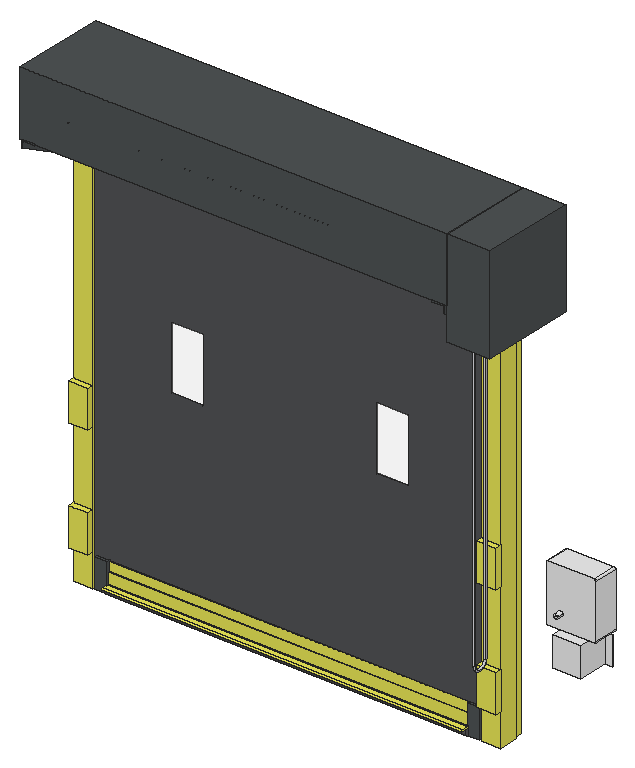
Revit family "Doors_Industrial_Wayne-Dalton_High-Speed-Exterior-Rubber-Doors-Model-885-ADV-Xtreme_туц", category Specialty Equipment, host Wall, Revit 2019
Family settings
  Host = Wall
  Round Connector Dimension = Use Diameter
  Part Type = Normal
  OmniClass Number = 23.30.10.21.34
  OmniClass Title = Industrial Doors
  Always vertical = Yes
  Cut with Voids When Loaded = No
  Shared = No
  Room Calculation Point = No
Parameters (values of type "208 volts, three phase, 60 Hz (190-207 V range)")
  Vision Panels [instance] = yes
  True Width [instance] = [Door Width (Real)]  # 10' - 0"
  True Height [instance] = [Door Height (Real)]  # 10' - 0"
  Three Phase Controller [instance] = not(One Phase Controller)  # yes
  Rough Width [instance] = [Door Width (Real)]  # 10' - 0"
  Rough Height [instance] = if(Headroom Option < 3, [Door Height (Real)] - 0' 3 7/8", [Door Height (Real)] - 0' 1 19/128")  # 9' - 8 1/8"
  Product Page URL = "https://www.wayne-dalton.com/high-speed-rubber-doors-885"
  Powder Coat (Note) = "Standard color for guides and bottom bar is yellow. Approximately 200 optional RAL powder coat colors are also available."  # constant formula
  Panel Material [instance] = NBR - Wayne Dalton - Black
  One Phase Controller [instance] = if(Number of Poles = 1, 1 = 1, 1 = 2)  # no
  Motor Cover [instance] = yes
  Hood Material = Metal - Wayne Dalton - Black
  Hood Height [instance] = 1' - 8 51/128"  # constant formula
  Headroom Type [instance] = if(or(Headroom Option < 1, Headroom Option = 1), "Standard Headroom", if(Headroom Option = 2, "Sloped Standard Headroom", if(Headroom Option = 3, "Low Headroom", "Sloped Low Headroom")))  # "Standard Headroom"
  Headroom Offset [instance] = if(or(Headroom Option < 1, Headroom Option = 1, Headroom Option = 3), 0' 0", if(or(Headroom Option = 2, Headroom Option > 3), 0' 10 1/8", 0' 10 1/8"))  # 0' - 0"
  Headroom Height [instance] = if(Headroom Option < 3, 2' 9" + 0' 3 7/8" + Headroom Offset, if(and(or(Rough Height < 14' 0", Rough Height = 14' 0"), or(Rough Width < 17' 0", Rough Width = 17' 0")), 1' 7" + Headroom Offset, if(and(or(Rough Height < 14' 0", Rough Height = 14' 0"), Rough Width > 17' 0"), 1' 8 1/2" + Headroom Offset, if(or(Rough Height < 22' 0", Rough Height = 22' 0"), 1' 8 1/2" + Headroom Offset, 2' 0 1/2" + Headroom Offset))))  # 3' - 0 7/8"
  Headroom Option [instance] = 1
  External Transformer = if(or(Voltage = 208 V, Voltage = 575 V), 1 = 1, 1 = 2)  # yes
  Door Width (Real) [instance] = if(Door Width > Max Door Width, Max Door Width, if(Door Width < Min Door Width, Min Door Width, Door Width))  # 10' - 0"
  Door Height (Real) [instance] = if(Door Height > Max Door Height, Max Door Height, if(Door Height < Min Door Height, Min Door Height, Door Height))  # 10' - 0"
  Voltage = 208 V
  URL = "https://www.wayne-dalton.com/"
  Product data url = "https://www.bimobject.com/wayne-dalton/product/high-speed-exterior-rubber-doors-model-885-ADV-Xtreme"
  Product Guid = "e4ee6ae5-f868-4b10-b63c-ee019e9bb2b1"
  Power Factor = 1
  Number of Poles = 3
  Model = "885"  # constant formula
  Min Door Width [instance] = 4' - 0"  # constant formula
  Min Door Height [instance] = 4' - 0"  # constant formula
  Max Door Width [instance] = 30' - 0"  # constant formula
  Max Door Height [instance] = 30' - 0"  # constant formula
  Manufacturer = "Wayne Dalton"  # constant formula
  Frequency = 60 Hz  # constant formula
  Wall Closure = By host
  Floor To (CL) of Shaft [instance] = Rough Height + Headroom Height - if(Headroom Option < 3, 0' 10 1/32", 0' 8 19/128") - Headroom Offset  # 11' - 10 31/32"
  Connector Description = "Rapidflex Large Control Panel"  # constant formula
  Finish Material = Finish - Wayne Dalton - Yellow
  Door Width [instance] = 10' - 0"
  Door Height [instance] = 10' - 0"
  Description = "Wayne Dalton’s Model 885 ADV-Xtreme high speed exterior rubber door is made with special reinforced rubber, perfect for large exterior openings or extreme applications. Constructed with 5 layers of NBR rubber and 4 layers of polyester weave, this door is capable of withstanding pressure of up to 27.0 psf. Model 885 ADV-Xtreme is also designed to be low maintenance and includes such features as breakaway impact detection and push button self-repair, along with plug and play wiring."  # constant formula
  Current = 20 A
  Backroom Depth [instance] = if(Headroom Option < 3, 2' 5 17/32", if(and(or(Rough Height < 14' 0", Rough Height = 14' 0"), or(Rough Width < 17' 0", Rough Width = 17' 0")), 2' 4 1/2", if(and(or(Rough Height < 14' 0", Rough Height = 14' 0"), Rough Width > 17' 0"), 2' 5 1/2" + Headroom Offset, if(or(Rough Height < 22' 0", Rough Height = 22' 0"), 2' 7" + Headroom Offset, 2' 9"))))  # 2' - 5 17/32"
  Apparent Load Phase 3 = if(Number of Poles = 1, 0 VA, (Voltage * Current * sqrt(3)) / 3)  # 2401.78 VA
  Apparent Load Phase 2 = if(Number of Poles = 1, 0 VA, (Voltage * Current * sqrt(3)) / 3)  # 2401.78 VA
  Apparent Load Phase 1 = if(Number of Poles = 1, Voltage * Current, (Voltage * Current * sqrt(3)) / 3)  # 2401.78 VA
Reference planes (in)
  plane 1 "Center (Front/Back)": y = 0
  plane 2 "Center (Left/Right)": x = 0
  plane 3 "Left": x = -60
  plane 4 "Right": x = 60
  plane 5 "Exterior": y = 3.00375
  plane 6 "Interior": y = -2.99625
  plane 7: x = 60
  plane 8: x = -60
  plane 9: z = 116.125
  plane 10 "Main": y = -7.11344
  plane 11: y = -32.5275
  plane 12 "Main Door Block": y = -2.99625
  plane 13: z = 47.47
  plane 14: y = -10.44254
  plane 15: y = -10.52271
  plane 16: y = -10.36238
  plane 17: z = 120
Lines and regions (in)
  Opening 1
    outline origin (-90, -2.99625, 0) x (1, 0, 0) y (0, 0, 1)
      loop
        line (30, 0) -> (150, 0) -> (150, 116.125) -> (30, 116.125) -> (30, 0)
Text (in)
  text "Exterior" at (-74.96733, -29.37398, 0), in view "Ref. Level"
  text "Interior" at (-74.96733, 20.10035, 0), in view "Ref. Level"
  text "Exterior" at (0, 40.15149, 123.01588), in view "Right"
  text "Interior" at (0, -64.39139, 123.01588), in view "Right"
  text "Interior" at (0, -31.01599, 123.00693), in view "Left"
  text "Exterior" at (0, 54.57065, 123.00693), in view "Left"
Dimensions and locks (in)
  equal spacing: plane 3 "Left", plane 2 "Center (Left/Right)", plane 4 "Right"
  "Door Width (Real)": plane 3 "Left" to plane 4 "Right"
  level to host wall = 38' - 3.59655"
  equal spacing: plane 8, plane 2 "Center (Left/Right)", plane 7
  "Rough Width": plane 7 to plane 8
  "Backroom Depth": plane 6 "Interior" to plane 11
  locked: plane 12 "Main Door Block" to plane 10 "Main" at 4.11719
  plane 1 "Center (Front/Back)" to plane 6 "Interior" = 0' - 2.99625"
  locked: plane 14 to plane 6 "Interior" at 7.44629
  locked: plane 15 to plane 16 at 0.16033
  equal spacing: plane 15, plane 14, plane 16
  "Door Height (Real)": plane 17 to level
  "Rough Height": plane 9 to level
  aligned and locked: Opening 1 sketch curve to level
  aligned and locked: plane 5 "Exterior" to host wall
  aligned and locked: host wall to plane 6 "Interior"
  aligned and locked: plane 8 to Opening 1 sketch curve
  aligned and locked: plane 7 to Opening 1 sketch curve
  aligned and locked: plane 12 "Main Door Block" to plane 6 "Interior"
  aligned and locked: plane 12 "Main Door Block" to nested 1
  aligned and locked: nested 1 to plane 2 "Center (Left/Right)"
  aligned and locked: level to nested 1
  aligned and locked: Opening 1 sketch curve to plane 9
  aligned and locked: plane 2 "Center (Left/Right)" to nested 2
Nested families (in)
  nested 1: "Lifts" at (0, -2.99625, 0) x (-1, 0, 0) z (0, 0, 1), type "Frame Unit"
  nested 2: "Panel" at (0, -10.36238, 0), type "Panel"
    with Height Real 11' - 0 241/256", Height 9' - 8 1/8"
Connectors (in)
  electrical at (87.81444, -10.53625, 47.99806), driven by "Number of Poles", driven by "Voltage", driven by "Apparent Load Phase 1", driven by "Power Factor", driven by "Connector Description", driven by "Apparent Load Phase 2", driven by "Apparent Load Phase 3"
    settings: on nested 1, index 1, voltage 208 V, apparent load 0 VA, apparent load phase1 2401.78 VA, apparent load phase2 2401.78 VA, apparent load phase3 2401.78 VA, power factor 1, load classification "Other", number of poles 3, system type 31, power factor state 1, is connector primary yes, connector utility no, sub classification motor no, connector description "Rapidflex Large Control Panel"
Definition of nested family "Lifts"
  Parameters (values of type "Frame Unit")
    Three Phase Controller = yes
    Spool Radius = 0' - 4 1/2"
    Small Astragal = not(Large Astragal)  # no
    Shaft Offset = if(Headroom Option < 3, 1' 0 51/128", 0' 9")  # 1' - 0 51/128"
    Shaft Material = none
    Shaft Length Right = if(Right Motor Position, 1' 6 5/8", 0' 6 9/16")  # 1' - 6 5/8"
    Shaft Length Left = 0' - 8 1/16"  # constant formula
    Shaft 2 Vertical = if(Headroom Option < 3, 1' 2 13/256", 0' 0")  # 1' - 2 13/256"
    Shaft 2 Horizontal = if(Headroom Option < 3, 0' 9 57/64", 0' 9 1/2")  # 0' - 9 57/64"
    Rod 2 = if(and(not(Motor Cover), Right Motor Position), 1 = 1, 1 = 2)  # no
    Right Motor Position = yes
    Opening Width = 10' - 0"
    One Phase Controller = no
    Motor Cover Off = not(Motor Cover)  # no
    Motor Cover = yes
    Masking Region Right Motor Three Phase = if(and(Right Motor Position, Three Phase Controller), 1 = 1, 1 = 2)  # yes
    Masking Region Right Motor = if(and(Right Motor Position, Motor Cover Off), 1 = 1, 1 = 2)  # no
    Large Astragal = if(Headroom Option < 3, 1 = 1, 1 = 2)  # yes
    Jambs Offset = if(Headroom Option < 3, 0' 0", 0' 2 63/256")  # 0' - 0"
    Hood Material = none
    Headroom Option = 1
    Headroom Offset = 0' - 0"
    Headroom Height = 3' - 0 7/8"
    Header Width = 2' - 5 17/32"
    Header Height = if(Headroom Option < 3, 1' 8 15/256", 1' 4 77/256")  # 1' - 8 15/256"
    Guid Width = 0' - 6 9/16"
    Floor To CL Shaft = 11' - 10 31/32"
    External Transformer = yes
    Electric Operator Position = if(Right Motor Position, (2' 1 3/4" * 2 + Opening Width + 0' 0 5/8"), 0' 0")  # 14' - 4 1/8"
    Opening Height = 9' - 8 1/8"
    Finish Material = none
    Bar Offset = if(Headroom Option < 3, 0' 0", 1' 1")  # 0' - 0"
    Analytic Construction = "<None>"
  Reference planes (in)
    plane 1 "Center (Front/Back)": y = 0
    plane 2: z = 0
    plane 3 "Center (Left/Right)": x = 0
    plane 4 "Left": x = -60
    plane 5 "Right": x = 60
    plane 6 "Center Line of Shaft": z = 142.96875
    plane 7 "Headroom Top": z = 153
    plane 8 "Opening Height": z = 116.125
    plane 9: x = -78.625
    plane 10 "Shaft": x = -75.54413
    plane 11 "Box": x = -87.8125
    plane 12 "EBOX": z = 48
    plane 13: z = 39.09375
    plane 14: z = 56.90625
    plane 15: z = 43.5
    plane 16: y = 7.54
    plane 17 "2": z = 132.94141
    plane 18: y = 29.53125
    plane 19: x = 68.0625
    plane 20: x = 66.5625
    plane 21: x = -66.5625
    plane 22: x = -80.0625
    plane 23: x = -95.5625
    plane 24 "Center L/MM": x = 84.3125
    plane 25: z = 53
    plane 26: z = 43
    plane 27: x = -84.3125
    plane 28: x = -91.3125
    plane 29: y = 7.54
    plane 30 "1": z = 45.56
    plane 31 "Sloped motor LH": x = -71.125
    plane 32 "Sloped motor RH": x = 71.125
    plane 33: z = 153
    plane 34 "panel center": y = 7.44629
    plane 35: x = 80
    plane 36 "Jamb": z = 120
    plane 37: z = 120
    plane 38: y = 17.13281
    plane 39: z = 120
  Forms (in)
    Extrusion 1, solid, material <- "Shaft Material"
      sketch origin (0, 0, 0) x (0, 1, 0) y (0, 0, 1)
        loop
          circle (17.13281, 142.96875) r 0.78
      from -78.625 to 68.0625
    Extrusion 2, solid, visible <- "Three Phase Controller"
      sketch origin (-1.95651, 0, 0) x (1, 0, 0) y (0, 0, 1)
        loop
          line (-78.60599, 56.90625) -> (-93.10599, 56.90625)
          arc (-93.10599, 56.90625) -> (-93.45954, 56.7598) -> (-93.60599, 56.40625) r 0.5
          line (-93.60599, 56.40625) -> (-93.60599, 39.59375)
          arc (-93.60599, 39.59375) -> (-93.45954, 39.2402) -> (-93.10599, 39.09375) r 0.5
          line (-93.10599, 39.09375) -> (-78.60599, 39.09375)
          arc (-78.60599, 39.09375) -> (-78.25243, 39.2402) -> (-78.10599, 39.59375) r 0.5
          line (-78.10599, 39.59375) -> (-78.10599, 56.40625)
          arc (-78.10599, 56.40625) -> (-78.25243, 56.7598) -> (-78.60599, 56.90625) r 0.5
      from -7.54 to 0
    Revolve 3, solid, visible <- "Three Phase Controller"
      sketch origin (-55.03203, -180, 43.5) x (-1, 0, 0) y (0, -1, 0)
        loop
          line (29.42047, -187.54) -> (28.67047, -187.54) -> (28.82047, -189.312) -> (29.42047, -189.312) -> (29.42047, -187.54)
        axis (29.42047, -187.54) -> (29.42047, -189.312)
      angle from 0 to 360
    Extrusion 4, solid, material <- "Finish Material"
      sketch origin (0, 0, 0) x (1, 0, 0) y (0, 1, 0)
        loop
          line (66.5625, 8.5) -> (60.5625, 8.5) -> (60.5625, 8.12) -> (66.1825, 8.12) -> (66.1825, 6.62889) -> (62.00599, 6.62889) -> (60.91271, 7.23491) -> (60.81575, 7.05998) -> (61.95841, 6.4266) -> (65.97719, 6.4266) -> (65.97719, 6.00445) -> (65.62, 6.00445) -> (65.62, 0.38051) -> (60, 0.38051) -> (60, 0) -> (66, 0) -> (66, 2.5) -> (66.5625, 2.5) -> (66.5625, 8.5)
        loop
          line (-66.5625, 8.5) -> (-66.5625, 2.5) -> (-66, 2.5) -> (-66, 0) -> (-60, 0) -> (-60, 0.38051) -> (-65.62, 0.38051) -> (-65.62, 6.00445) -> (-65.97719, 6.00445) -> (-65.97719, 6.4266) -> (-61.95841, 6.4266) -> (-60.81575, 7.05998) -> (-60.91271, 7.23491) -> (-62.00599, 6.62889) -> (-66.1825, 6.62889) -> (-66.1825, 8.12) -> (-60.5625, 8.12) -> (-60.5625, 8.5) -> (-66.5625, 8.5)
      from 0 to 120
    Extrusion 5, solid, material <- "Hood Material"
      sketch origin (0, 0, 0) x (0, 1, 0) y (0, 0, 1)
        loop
          line (0, 132.94141) -> (29.53125, 132.94141) -> (29.53125, 153) -> (0, 153) -> (0, 132.94141)
      from -66.5625 to 66.5625
    Extrusion 6, solid, material <- "Hood Material"
      sketch origin (-60, -60, 48) x (0, -1, 0) y (0, 0, 1)
        loop
          circle (-77.13281, 94.96875) r 4.5
      from 5.80769 to 4.63204
    Extrusion 7, solid, visible <- "External Transformer"
      sketch origin (0, 0, 48) x (1, 0, 0) y (0, 1, 0)
        loop
          line (-94.6875, 0) -> (-80.9375, 0) -> (-80.9375, 0.125) -> (-83.3125, 0.125) -> (-83.3125, 9.3125) -> (-92.3125, 9.3125) -> (-92.3125, 0.125) -> (-94.6875, 0.125) -> (-94.6875, 0)
      from -19.13 to -10
    Extrusion 8, solid, visible <- "One Phase Controller"
      sketch origin (0, 0, 0) x (1, 0, 0) y (0, 0, 1)
        loop
          line (-84.72803, 53) -> (-90.9125, 53)
          arc (-90.9125, 53) -> (-91.19534, 52.88284) -> (-91.3125, 52.6) r 0.4
          line (-91.3125, 52.6) -> (-91.3125, 43.4)
          arc (-91.3125, 43.4) -> (-91.19534, 43.11716) -> (-90.9125, 43) r 0.4
          line (-90.9125, 43) -> (-84.7125, 43)
          arc (-84.7125, 43) -> (-84.42966, 43.11716) -> (-84.3125, 43.4) r 0.4
          line (-84.3125, 43.4) -> (-84.3125, 52.58447)
          arc (-84.3125, 52.58447) -> (-84.43421, 52.87829) -> (-84.72803, 53) r 0.41553
      from -7.54 to 0
    Revolve 9, solid, visible <- "One Phase Controller"
      sketch origin (0, 0, 45.56) x (-1, 0, 0) y (0, -1, 0)
        loop
          line (87.8125, -9.3125) -> (87.8125, -7.54) -> (87.0625, -7.54) -> (87.2125, -9.3125) -> (87.8125, -9.3125)
        axis (87.8125, -9.3125) -> (87.8125, -7.54)
      angle from 0 to 360
    Extrusion 10, solid, material <- "Hood Material"
      sketch origin (60, -60, 48) x (0, -1, 0) y (0, 0, -1)
        loop
          circle (-77.13281, -94.96875) r 4.5
      from 5.80769 to 4.63204
    Extrusion 11, solid, material <- "Finish Material"
      sketch origin (0, 0, 0) x (1, 0, 0) y (0, 1, 0)
        loop
          line (65.05337, 1.4214) -> (65.05337, 6.42707) -> (62.05337, 6.42707) -> (62.05337, 1.4214) -> (65.05337, 1.4214)
        loop
          line (-65.05337, 1.4214) -> (-62.05337, 1.4214) -> (-62.05337, 6.42707) -> (-65.05337, 6.42707) -> (-65.05337, 1.4214)
      from 0 to 0.38
    Extrusion 12, solid, material <- "Finish Material"
      sketch origin (0, 0, 0) x (1, 0, 0) y (0, 1, 0)
        loop
          line (66.5625, 10.52653) -> (60.66925, 10.52653) -> (60.66925, 8.5) -> (66.5625, 8.5) -> (66.5625, 10.52653)
        loop
          line (-66.5625, 10.52653) -> (-66.5625, 8.5) -> (-60.66925, 8.5) -> (-60.66925, 10.52653) -> (-66.5625, 10.52653)
      from 10.30995 to 22.01998
    Extrusion 13, solid, material <- "Finish Material"
      sketch origin (0, 0, 0) x (1, 0, 0) y (0, 1, 0)
        loop
          line (-66.5625, 10.52653) -> (-66.5625, 8.5) -> (-60.66925, 8.5) -> (-60.66925, 10.52653) -> (-66.5625, 10.52653)
        loop
          line (60.66925, 10.52653) -> (60.66925, 8.5) -> (66.5625, 8.5) -> (66.5625, 10.52653) -> (60.66925, 10.52653)
      from 45.16821 to 56.75
    Extrusion 14, solid, material <- "Hood Material"
      sketch origin (0, 0, 0) x (1, 0, 0) y (0, 0, 1)
        loop
          arc (66, 132.63772) -> (65.91105, 132.85246) -> (65.69632, 132.94141) r 0.30368
          line (65.69632, 132.94141) -> (62, 132.94141) -> (62, 132.5575) -> (65.50079, 132.5575)
          arc (65.50079, 132.5575) -> (65.58508, 132.52258) -> (65.62, 132.43829) r 0.11921
          line (65.62, 132.43829) -> (65.62, 120) -> (66, 120) -> (66, 132.63772)
        loop
          line (-66, 132.63772) -> (-66, 120) -> (-65.62, 120) -> (-65.62, 132.43829)
          arc (-65.62, 132.43829) -> (-65.58508, 132.52258) -> (-65.50079, 132.5575) r 0.11921
          line (-65.50079, 132.5575) -> (-62, 132.5575) -> (-62, 132.94141) -> (-65.69632, 132.94141)
          arc (-65.69632, 132.94141) -> (-65.91105, 132.85246) -> (-66, 132.63772) r 0.30368
      from -29.53125 to 0
    Extrusion 15, solid, material <- "Finish Material"
      sketch origin (0, 5.25463, 0) x (0, 1, 0) y (0, 0, 1)
        loop
          line (2.42, 9.04635) -> (1.96332, 9.04635) -> (1.96332, 6.00783) -> (1.49629, 6.00783) -> (1.49629, 2.61647)
          arc (1.49629, 2.61647) -> (1.43504, 2.4686) -> (1.28717, 2.40735) r 0.20912
          line (1.28717, 2.40735) -> (-0.65234, 2.40735)
          arc (-0.65234, 2.40735) -> (-0.9076, 2.30162) -> (-1.01334, 2.04635) r 0.361
          line (-1.01334, 2.04635) -> (5.39666, 2.04635)
          arc (5.39666, 2.04635) -> (5.29093, 2.30162) -> (5.03566, 2.40735) r 0.361
          line (5.03566, 2.40735) -> (3.09615, 2.40735)
          arc (3.09615, 2.40735) -> (2.94828, 2.4686) -> (2.88703, 2.61647) r 0.20912
          line (2.88703, 2.61647) -> (2.88703, 6.00783) -> (2.42, 6.00783) -> (2.42, 9.04635)
      from -56.24 to 56.24
    Extrusion 16, solid, material <- "Hood Material"
      sketch origin (0, 0, 0) x (1, 0, 0) y (0, 0, 1)
        loop
          line (-60, 0) -> (-56.24, 0) -> (-56.24, 9.04635) -> (-60, 9.04635) -> (-60, 0)
        loop
          line (60, 0) -> (60, 9.04635) -> (56.24, 9.04635) -> (56.24, 0) -> (60, 0)
      from 0 to -8.5
    Extrusion 17, solid, material <- "Shaft Material"
      sketch origin (0, 0, 0) x (0, 1, 0) y (0, 0, 1)
        loop
          circle (9.89062, 128.91797) r 0.5
      from -67.4125 to 67.4125
    Extrusion 18, solid, material <- "Hood Material"
      sketch origin (0, 0, 0) x (0, 1, 0) y (0, 0, 1)
        loop
          circle (9.89062, 128.91797) r 2.17188
      from -63.62 to 63.62
    Extrusion 19, void
      sketch origin (0, 0, 0) x (0, 1, 0) y (0, 0, 1)
        loop
          line (29.53125, 116.125) -> (29.53125, 130.5575) -> (10, 120) -> (6.00445, 120) -> (6.00445, 132.94141) -> (0, 132.94141) -> (0, 116.125) -> (29.53125, 116.125)
      from -71.125 to 68.0625
    Extrusion 20, solid
      sketch origin (-69.5, -180, 132.94141) x (-1, 0, 0) y (0, -1, 0)
        loop
          line (-135.12, -180.38051) -> (-135.12, -186.4266) -> (-131.5, -186.4266) -> (-131.5, -186.04769) -> (-134.74109, -186.04769) -> (-134.74109, -180.38051) -> (-135.12, -180.38051)
        loop
          line (-3.88, -180.38051) -> (-4.25891, -180.38051) -> (-4.25891, -186.04769) -> (-7.5, -186.04769) -> (-7.5, -186.4266) -> (-3.88, -186.4266) -> (-3.88, -180.38051)
      from -12.94141 to 0
    Extrusion 21, solid
      sketch origin (0, 0, 0) x (0, 1, 0) y (0, 0, 1)
        loop
          line (6.75092, 2.04635) -> (6.75092, 1.79635) -> (6.48807, 1.75)
          arc (6.48807, 1.75) -> (5.61307, 0.875) -> (6.48807, 0) r 0.875
          line (6.48807, 0) -> (8.40451, 0)
          arc (8.40451, 0) -> (9.27951, 0.875) -> (8.40451, 1.75) r 0.875
          line (8.40451, 1.75) -> (8.14166, 1.79635) -> (8.14166, 2.04635) -> (6.75092, 2.04635)
      from -56.24 to 56.24
  Cuts and joins
    Extrusion 19 cuts Extrusion 14
  Lines and regions (in)
    Masking region 1, visible <- "Three Phase Controller"
      outline origin (0, 0, 0) x (1, 0, 0) y (0, 1, 0)
        loop
          line (-95.5625, 0) -> (-80.0625, 0) -> (-80.0625, 7.54) -> (-95.5625, 7.54) -> (-95.5625, 0)
    Masking region 2, visible <- "Masking Region Right Motor Three Phase"
      outline origin (0, 0, 0) x (1, 0, 0) y (0, 1, 0)
        loop
          line (-83.7025, 7.54) -> (-83.8525, 9.312) -> (-85.0525, 9.312) -> (-85.2025, 7.54) -> (-83.7025, 7.54)
    Masking region 3, visible <- "External Transformer"
      outline origin (0, 0, 0) x (1, 0, 0) y (0, 1, 0)
        loop
          line (-92.3125, 7.54) -> (-83.3125, 7.54) -> (-83.3125, 9.3125) -> (-92.3125, 9.3125) -> (-92.3125, 7.54)
    Masking region 4, not visible
      outline origin (-205.49871, -5.75, 0) x (0, 1, 0) y (-1, 0, 0)
        loop
          line (13.29, -113.57621) -> (13.29, -115.07621) -> (15.062, -114.92621) -> (15.062, -113.72621) -> (13.29, -113.57621)
    Masking region 5
      outline origin (0, 0, 0) x (1, 0, 0) y (0, 1, 0)
        loop
          line (-66.5625, 29.53125) -> (-66.5625, 0) -> (66.5625, 0) -> (66.5625, 29.53125) -> (-66.5625, 29.53125)
    Masking region 6, visible <- "One Phase Controller"
      outline origin (0, 0, 0) x (1, 0, 0) y (0, 1, 0)
        loop
          line (-91.3125, 7.54) -> (-91.3125, 0) -> (-84.33954, 0) -> (-84.33954, 7.54) -> (-91.3125, 7.54)
    Masking region 7, visible <- "One Phase Controller"
      outline origin (0, 0, 0) x (1, 0, 0) y (0, 1, 0)
        loop
          line (-88.4125, 9.3125) -> (-88.5625, 7.54) -> (-87.0625, 7.54) -> (-87.2125, 9.3125) -> (-88.4125, 9.3125)
    Masking region 8, visible <- "Right Motor Position"
      outline origin (0, 0, 0) x (1, 0, 0) y (0, 1, 0)
        loop
          line (66.5625, 17.90751) -> (66.5625, 16.35281) -> (68.0625, 16.35281) -> (68.0625, 17.90751) -> (66.5625, 17.90751)
    Masking region 9, visible <- "Rod 2"
      outline origin (0, 0, 0) x (0, 1, 0) y (-1, 0, 0)
        loop
          line (17.91281, 78.625) -> (16.35281, 78.625) -> (16.35281, 74.7915) -> (16.79189, 74.7915) -> (16.79189, 74.2615) -> (17.91281, 74.2615) -> (17.91281, 78.625)
        loop
          line (17.91281, 66.5625) -> (17.91281, 68.4925) -> (17.27997, 68.4925) -> (17.27997, 69.7225) -> (17.91281, 69.7225) -> (17.91281, 70.3225) -> (16.79189, 70.3225) -> (16.79189, 69.79528) -> (16.35281, 69.79528) -> (16.35281, 66.5625) -> (17.91281, 66.5625)
    Masking region 10, not visible
      outline origin (0, 0, 120) x (0, -1, 0) y (1, 0, 0)
        loop
          line (-10.39062, 67.4125) -> (-10.39062, 66.5625) -> (-9.39062, 66.5625) -> (-9.39062, 67.4125) -> (-10.39062, 67.4125)
    symbolic lines, not visible
      curve 1: line (-64.3625, 7.78111, 0) -> (-64.3625, 6.21995, 0)
      curve 2: line (64.36395, 7.78111, 0) -> (64.36395, 5.875, 0)
    symbolic lines
      curve 3: line (-64.3625, 29.53125, 0) -> (-64.3625, 0, 0)
      curve 4: line (64.36395, 29.53125, 0) -> (64.36395, 0, 0)
  Dimensions and locks (in)
    equal spacing: plane 4 "Left", plane 3 "Center (Left/Right)", plane 5 "Right"
    "Opening Width": plane 4 "Left" to plane 5 "Right"
    "Header Height": plane 7 "Headroom Top" to plane 17 "2"
    "Opening Height": plane 8 "Opening Height" to level
    locked: level to plane 12 "EBOX" at 48
    locked: plane 11 "Box" to Revolve 3 sketch curve at 3.36
    equal spacing: plane 14, plane 12 "EBOX", plane 13
    locked: plane 12 "EBOX" to plane 15 at 4.5
    locked: plane 13 to plane 14 at 17.8125
    locked: plane 10 "Shaft" to plane 4 "Left" at 15.54413
    plane 11 "Box" to plane 10 "Shaft" = 1' - 0.26837"
    locked: plane 16 to plane 1 "Center (Front/Back)" at 7.54
    locked: Revolve 3 sketch curve to Revolve 3 sketch curve at 0.6
    locked: Revolve 3 sketch curve to Revolve 3 sketch curve at 0.75
    locked: plane 16 to Revolve 3 sketch curve at 1.772
    "Header Width": plane 1 "Center (Front/Back)" to Extrusion 5 sketch curve
    Extrusion 5 to plane 4 "Left" = 0' - 6 9/16"
    plane 5 "Right" to Extrusion 5 = 0' - 6 9/16"
    "Header Width": plane 1 "Center (Front/Back)" to plane 18
    plane 21 to nested 1 = 0' - 5.729"
    "Guid Width": plane 4 "Left" to plane 21
    "Guid Width": plane 5 "Right" to plane 20
    locked: plane 11 "Box" to plane 23 at 7.75
    locked: plane 22 to plane 11 "Box" at 7.75
    locked: plane 1 "Center (Front/Back)" to Extrusion 7 sketch curve at 0.125
    locked: plane 11 "Box" to Extrusion 7 sketch curve at 4.5
    locked: Extrusion 7 sketch curve to plane 11 "Box" at 4.5
    locked: Extrusion 7 sketch curve to plane 11 "Box" at 6.875
    locked: plane 11 "Box" to Extrusion 7 sketch curve at 6.875
    plane 1 "Center (Front/Back)" to Extrusion 7 sketch curve = 0' - 9 5/16"
    plane 20 to plane 21 = 11' - 1 1/8"
    "Electric Operator Position": plane 11 "Box" to plane 24 "Center L/MM"
    equal spacing: Masking region 1 sketch curve, plane 11 "Box", Masking region 1 sketch curve
    locked: Masking region 1 sketch curve to Masking region 1 sketch curve at 15.5
    "Floor To CL Shaft": plane 6 "Center Line of Shaft" to plane 2
    equal spacing: plane 26, plane 12 "EBOX", plane 25
    locked: plane 26 to plane 25 at 10
    locked: plane 1 "Center (Front/Back)" to plane 29 at 7.54
    locked: plane 29 to Revolve 9 sketch curve at 1.7725
    locked: plane 12 "EBOX" to plane 30 "1" at 2.44
    locked: plane 11 "Box" to Revolve 9 sketch curve at 0.75
    locked: plane 11 "Box" to Revolve 9 sketch curve at 0.6
    equal spacing: plane 32 "Sloped motor RH", plane 3 "Center (Left/Right)", plane 31 "Sloped motor LH"
    locked: plane 4 "Left" to plane 31 "Sloped motor LH" at 11.125
    "Shaft Length Right": plane 9 to plane 4 "Left"
    "Headroom Offset": plane 33 to plane 7 "Headroom Top"
    "Headroom Height": plane 33 to plane 8 "Opening Height"
    locked: plane 27 to plane 11 "Box" at 3.5
    locked: plane 11 "Box" to plane 28 at 3.5
    locked: plane 20 to plane 24 "Center L/MM" at 17.75
    plane 5 "Right" to plane 24 "Center L/MM" = 2' - 0 5/16"
    locked: Extrusion 10 to plane 20 at 0.75481
    locked: Extrusion 10 to Extrusion 10 at 1.17565
    plane 24 "Center L/MM" to plane 19 = 1' - 4 1/4"
    locked: plane 1 "Center (Front/Back)" to Extrusion 11 sketch curve at 1.4214  (x2)
    locked: Extrusion 11 sketch curve to Extrusion 11 sketch curve at 5.00568  (x2)
    locked: Extrusion 11 sketch curve to plane 20 at 1.50913
    locked: Extrusion 11 sketch curve to Extrusion 11 sketch curve at 3  (x2)
    locked: plane 21 to Extrusion 11 sketch curve at 1.50913
    locked: plane 1 "Center (Front/Back)" to Extrusion 12 sketch curve at 8.5
    locked: Extrusion 12 sketch curve to Extrusion 12 sketch curve at 2.02653
    locked: plane 21 to Extrusion 12 sketch curve at 5.89325
    locked: Extrusion 12 sketch curve to plane 20 at 5.89325
    locked: Extrusion 12 to level at 10.30995
    locked: Extrusion 12 to Extrusion 12 at 11.71003
    locked: plane 1 "Center (Front/Back)" to Extrusion 13 sketch curve at 8.5
    locked: Extrusion 13 sketch curve to Extrusion 13 sketch curve at 2.02653
    locked: plane 21 to Extrusion 13 sketch curve at 5.89325
    locked: Extrusion 13 sketch curve to plane 20 at 5.89325
    locked: Extrusion 12 to Extrusion 13 at 23.14823
    locked: Extrusion 13 to Extrusion 13 at 11.58179
    locked: plane 1 "Center (Front/Back)" to plane 34 "panel center" at 7.44629
    locked: Extrusion 15 sketch curve to Extrusion 15 sketch curve at 1.39074
    locked: Extrusion 15 sketch curve to Extrusion 15 sketch curve at 3.03852
    locked: Extrusion 15 sketch curve to level at 9.04635
    locked: Extrusion 15 sketch curve to Extrusion 15 sketch curve at 7
    Extrusion 15 sketch curve to plane 34 "panel center" = 0' - 3.205"
    locked: Extrusion 15 sketch curve to Extrusion 15 sketch curve at 0.361
    locked: Extrusion 15 sketch curve to plane 34 "panel center" at 0.69537
    locked: Extrusion 16 sketch curve to level at 9.04635
    locked: Extrusion 16 sketch curve to plane 5 "Right" at 3.76
    plane 6 "Center Line of Shaft" to level = 11' - 10 31/32"
    locked: plane 37 to plane 8 "Opening Height" at 3.875
    "Jambs Offset": plane 37 to plane 36 "Jamb"
    "Shaft Offset": plane 38 to plane 18
    "Shaft 2 Vertical": plane 6 "Center Line of Shaft" to Extrusion 17 sketch curve
    locked: Extrusion 17 to plane 21 at 0.85
    locked: Extrusion 17 to plane 20 at 0.85
    "Shaft 2 Vertical": plane 6 "Center Line of Shaft" to Extrusion 18 sketch curve
    "Shaft 2 Horizontal": plane 1 "Center (Front/Back)" to Extrusion 18 sketch curve
    "Shaft 2 Horizontal": plane 1 "Center (Front/Back)" to Extrusion 17 sketch curve
    locked: plane 17 "2" to Extrusion 14 sketch curve at 12.94141  (x2)
    locked: plane 20 to Extrusion 14 sketch curve at 4.5625
    locked: plane 20 to Extrusion 14 sketch curve at 0.9425
    locked: plane 20 to Extrusion 14 sketch curve at 0.5625
    locked: Masking region 9 sketch curve to plane 38 at 0.78
    locked: plane 38 to Masking region 9 sketch curve at 0.78
    locked: plane 38 to Masking region 8 sketch curve at 0.7747
    locked: Masking region 8 sketch curve to plane 38 at 0.78
    locked: plane 20 to Masking region 8 sketch curve at 1.5
    "Shaft Length Left": plane 5 "Right" to plane 19
    plane 9 to Masking region 9 sketch curve to Masking region 9 sketch curve to Masking region 9 sketch curve to Masking region 9 sketch curve to Masking region 9 sketch curve to Masking region 9 sketch curve = 0' - 3.8335" locked, 0' - 0.53" locked, 0' - 3.939" locked, 0' - 0.52722" locked, 0' - 0.07278" locked, 0' - 1.23" locked
    Masking region 9 sketch curve to Masking region 9 sketch curve to Masking region 9 sketch curve to Masking region 9 sketch curve = 0' - 0.63284" locked, 0' - 0.48809" locked, 0' - 0.43907" locked
    locked: Extrusion 14 sketch curve to plane 21 at 0.5625
    locked: Extrusion 14 sketch curve to plane 21 at 0.9425
    locked: Extrusion 14 sketch curve to plane 21 at 4.5625
    locked: plane 1 "Center (Front/Back)" to Extrusion 19 sketch curve at 10
    locked: plane 17 "2" to Extrusion 19 sketch curve at 2.38391
    locked: Extrusion 19 sketch curve to Extrusion 19 sketch curve at 3.875
    locked: Extrusion 19 sketch curve to Extrusion 19 sketch curve at 6.00445
    locked: Extrusion 6 to Extrusion 6 at 1.17565
    locked: plane 4 "Left" to Extrusion 6 at 4.63204
    locked: Extrusion 20 sketch curve to Extrusion 20 sketch curve at 0.37891  (x4)
    locked: Extrusion 20 sketch curve to plane 20 at 0.9425
    locked: plane 1 "Center (Front/Back)" to Extrusion 20 sketch curve at 6.04769  (x2)
    locked: Extrusion 20 sketch curve to plane 20 at 4.5625
    locked: plane 21 to Extrusion 20 sketch curve at 1.32141
    locked: plane 21 to Extrusion 20 sketch curve at 4.5625
    locked: plane 17 "2" to Extrusion 19 sketch curve at 12.94141
    "Bar Offset": plane 36 "Jamb" to plane 39
    locked: plane 4 "Left" to Extrusion 16 sketch curve at 3.76
    locked: Extrusion 18 to plane 4 "Left" at 3.62
    locked: plane 5 "Right" to Extrusion 18 at 3.62
    locked: plane 34 "panel center" to Extrusion 15 sketch curve at 3.205
    level to Extrusion 15 sketch curve = 0' - 2.04635"
    locked: Extrusion 21 sketch curve to Extrusion 21 sketch curve at 1.39074
    equal spacing: Extrusion 21 sketch curve, plane 34 "panel center", Extrusion 21 sketch curve  (x2)
    locked: Extrusion 21 sketch curve to Extrusion 21 sketch curve at 1.91644
    locked: Extrusion 1 sketch curve to Extrusion 1 sketch curve (radius 0' - 0.78")
    "Spool Radius": radius of Extrusion 6 sketch curve
    "Spool Radius": radius of Extrusion 10 sketch curve
    radius of Extrusion 17 sketch curve = 0' - 0 1/2"
    radius of Extrusion 18 sketch curve = 0' - 2 11/64"
    radius of Extrusion 21 sketch curve = 0' - 0 7/8"  (x2)
    locked: Revolve 3 to Masking region 2 sketch curve (angle 85.1614°)
    locked: Masking region 2 sketch curve to Revolve 3 (angle 85.1614°)
    locked: Masking region 7 sketch curve to Revolve 9 (angle 85.1628°)
    locked: Revolve 9 to Masking region 7 sketch curve (angle 85.1628°)
    locked: Extrusion 21 sketch curve to Extrusion 21 sketch curve (angle 100.00°)  (x2)
    aligned and locked: plane 2 to level
    aligned and locked: plane 9 to Extrusion 1
    aligned and locked: Extrusion 2 to plane 1 "Center (Front/Back)"
    aligned and locked: Extrusion 2 sketch curve to plane 13
    aligned and locked: plane 14 to Extrusion 2 sketch curve
    aligned and locked: Revolve 3 sketch curve to Revolve 3 sketch curve
    aligned and locked: Revolve 3 sketch curve to plane 16
    aligned and locked: plane 1 "Center (Front/Back)" to Extrusion 5 sketch curve
    aligned and locked: Extrusion 5 to plane 17 "2"
    aligned and locked: plane 17 "2" to Extrusion 5 sketch curve
    aligned and locked: Masking region 2 sketch curve to Revolve 3  (x2)
    aligned and locked: Extrusion 1 to plane 19
    aligned and locked: plane 22 to Extrusion 2 sketch curve
    aligned and locked: plane 23 to Extrusion 2 sketch curve
    aligned and locked: Extrusion 7 sketch curve to plane 1 "Center (Front/Back)"
    aligned and locked: Extrusion 7 sketch curve to Extrusion 7 sketch curve
    aligned and locked: Masking region 3 sketch curve to Extrusion 7  (x2)
    aligned and locked: Extrusion 7 to Masking region 3 sketch curve
    aligned and locked: plane 6 "Center Line of Shaft" to Extrusion 6 sketch curve
    aligned and locked: plane 6 "Center Line of Shaft" to Extrusion 1 sketch curve
    aligned and locked: Extrusion 5 to plane 21
    aligned and locked: plane 20 to Extrusion 5
    aligned and locked: nested 1 to plane 21
    aligned and locked: plane 18 to Masking region 5 sketch curve
    aligned and locked: Masking region 5 sketch curve to plane 1 "Center (Front/Back)"
    aligned and locked: Masking region 5 sketch curve to plane 21
    aligned and locked: Masking region 5 sketch curve to plane 20
    aligned and locked: plane 25 to Extrusion 8 sketch curve
    aligned and locked: Extrusion 8 sketch curve to plane 26
    aligned and locked: Extrusion 8 sketch curve to plane 27
    aligned and locked: plane 1 "Center (Front/Back)" to Extrusion 8
    aligned and locked: Revolve 9 sketch curve to Revolve 9 sketch curve
    aligned and locked: Revolve 9 sketch curve to plane 29
    aligned and locked: Masking region 7 sketch curve to Revolve 9
    aligned and locked: Masking region 3 to Masking region 7 sketch curve
    aligned and locked: plane 6 "Center Line of Shaft" to Extrusion 10 sketch curve
    aligned and locked: plane 20 to Masking region 8 sketch curve
    aligned and locked: Extrusion 2 to Masking region 6
    aligned and locked: Masking region 4 to Extrusion 2
    aligned and locked: Extrusion 2 to Revolve 3
    aligned and locked: plane 18 to curve 3
    aligned and locked: curve 3 to plane 1 "Center (Front/Back)"
    aligned and locked: plane 18 to curve 4
    aligned and locked: plane 1 "Center (Front/Back)" to curve 4
    aligned and locked: Extrusion 11 to plane 2
    aligned and locked: Extrusion 12 sketch curve to Extrusion 12 sketch curve  (x2)
    aligned and locked: plane 20 to Extrusion 12 sketch curve
    aligned and locked: plane 21 to Extrusion 12 sketch curve
    aligned and locked: Extrusion 13 sketch curve to plane 20
    aligned and locked: plane 21 to Extrusion 13 sketch curve
    aligned and locked: Extrusion 12 to Extrusion 13 sketch curve
    aligned and locked: Extrusion 14 to plane 1 "Center (Front/Back)"
    aligned and locked: Extrusion 16 sketch curve to plane 4 "Left"
    aligned and locked: level to Extrusion 16 sketch curve
    aligned and locked: Extrusion 16 sketch curve to level
    aligned and locked: Extrusion 16 sketch curve to plane 5 "Right"
    aligned and locked: Extrusion 16 sketch curve to Extrusion 16 sketch curve
    aligned and locked: Extrusion 15 to Extrusion 16  (x2)
    aligned and locked: Extrusion 4 to plane 36 "Jamb"
    aligned and locked: plane 33 to Extrusion 5 sketch curve
    aligned and locked: plane 7 "Headroom Top" to Extrusion 5 sketch curve
    aligned and locked: plane 38 to Extrusion 1 sketch curve
    aligned and locked: plane 38 to Extrusion 10 sketch curve
    aligned and locked: plane 38 to Extrusion 6 sketch curve
    aligned and locked: Extrusion 14 sketch curve to plane 17 "2"
    aligned and locked: plane 6 "Center Line of Shaft" to nested 1
    aligned and locked: Masking region 9 sketch curve to Masking region 9 sketch curve  (x2)
    aligned and locked: nested 1 to plane 38
    aligned and locked: plane 17 "2" to Extrusion 14 sketch curve
    aligned and locked: Extrusion 14 sketch curve to Extrusion 14 sketch curve
    aligned and locked: Extrusion 14 to plane 18
    aligned and locked: Extrusion 19 sketch curve to plane 18
    aligned and locked: plane 17 "2" to Extrusion 19 sketch curve
    aligned and locked: Extrusion 19 sketch curve to plane 1 "Center (Front/Back)"
    aligned and locked: Extrusion 19 to plane 19
    aligned and locked: Extrusion 19 to plane 31 "Sloped motor LH"
    aligned and locked: Masking region 10 sketch curve to Extrusion 17  (x3)
    aligned and locked: Extrusion 20 to plane 39
    aligned and locked: Extrusion 21 to Extrusion 16  (x2)
  Automatic sketch dimensions
    Extrusion 2 sketch curve to Extrusion 2 sketch curve = 0' - 0 1/2"
    Extrusion 2 sketch curve to plane 14 = 0' - 0 1/2"
    Extrusion 2 sketch curve to plane 22 = 0' - 0 1/2"  (x2)
    Extrusion 8 sketch curve to plane 28 = 0' - 0"
    Extrusion 8 sketch curve to plane 25 = 0' - 0.4"
    Extrusion 8 sketch curve to plane 15 = 0' - 0.1"  (x2)
    Extrusion 8 sketch curve to plane 25 = 0' - 0.41553"
    Revolve 9 sketch curve to plane 11 "Box" = 0' - 0"
    Revolve 9 sketch curve to plane 29 = 0' - 0"
    Revolve 9 sketch curve to Revolve 9 sketch curve = 0' - 0"
    plane 21 to curve 1 = 0' - 2.2"
    plane 21 to curve 3 = 0' - 2.2"
    curve 2 to plane 20 = 0' - 2.19855"
    curve 4 to plane 20 = 0' - 2.19855"
    curve 2 to plane 34 "panel center" = 0' - 1.57129"
    curve 1 to plane 34 "panel center" = 0' - 1.22634"
    plane 34 "panel center" to curve 2 = 0' - 0.33481"
    plane 34 "panel center" to curve 1 = 0' - 0.33481"
    Revolve 3 sketch curve to plane 18 = 0' - 7.38505"
    Revolve 3 sketch curve to plane 1 "Center (Front/Back)" = 0' - 3.07036"
    Extrusion 4 sketch curve to plane 21 = 0' - 0"
    Extrusion 4 sketch curve to plane 1 "Center (Front/Back)" = 0' - 0"
    Extrusion 4 sketch curve to plane 4 "Left" = 0' - 0"
    plane 1 "Center (Front/Back)" to Extrusion 4 sketch curve = 0' - 0"
    Extrusion 4 sketch curve to plane 5 "Right" = 0' - 0"
    Extrusion 4 sketch curve to plane 20 = 0' - 0"
    plane 21 to Extrusion 4 sketch curve = 0' - 0.38"
    plane 21 to Extrusion 4 sketch curve = 0' - 0 9/16"
    Extrusion 4 sketch curve to Extrusion 4 sketch curve = 0' - 0.20531"  (x2)
    Extrusion 4 sketch curve to Extrusion 4 sketch curve = 0' - 0.35719"  (x2)
    Extrusion 4 sketch curve to plane 34 "panel center" = 0' - 0.8174"  (x2)
    plane 4 "Left" to Extrusion 4 sketch curve = 0' - 2.00599"
    Extrusion 4 sketch curve to Extrusion 4 sketch curve = 0' - 0.04758"
    Extrusion 4 sketch curve to plane 34 "panel center" = 0' - 0.21139"  (x2)
    plane 4 "Left" to Extrusion 4 sketch curve = 0' - 0.91271"
    Extrusion 4 sketch curve to plane 34 "panel center" = 0' - 0.38631"
    plane 4 "Left" to Extrusion 4 sketch curve = 0' - 0 9/16"
    Extrusion 4 sketch curve to plane 5 "Right" = 0' - 0 9/16"
    Extrusion 4 sketch curve to plane 5 "Right" = 0' - 0.81575"
    Extrusion 4 sketch curve to Extrusion 4 sketch curve = 0' - 0.09696"
    Extrusion 4 sketch curve to plane 34 "panel center" = 0' - 1.0197"
    Extrusion 4 sketch curve to Extrusion 4 sketch curve = 0' - 1.14266"
    Extrusion 4 sketch curve to plane 20 = 0' - 0.9425"
    Extrusion 4 sketch curve to Extrusion 4 sketch curve = 0' - 0 9/16"
    Extrusion 4 sketch curve to Extrusion 4 sketch curve = 0' - 0.38051"
    Extrusion 4 sketch curve to plane 1 "Center (Front/Back)" = 0' - 0.38051"
    Extrusion 4 sketch curve to Extrusion 4 sketch curve = 0' - 2.11949"  (x2)
    Extrusion 4 sketch curve to Extrusion 4 sketch curve = 0' - 0.42215"  (x2)
    plane 34 "panel center" to Extrusion 4 sketch curve = 0' - 0.67371"  (x2)
    Extrusion 4 sketch curve to Extrusion 4 sketch curve = 0' - 0.38"  (x2)
    Masking region 1 sketch curve to plane 1 "Center (Front/Back)" = 0' - 0"
    plane 34 "panel center" to Masking region 1 sketch curve = 0' - 0.09371"
    plane 11 "Box" to Masking region 2 sketch curve = 0' - 2.61"
    Masking region 2 sketch curve to Masking region 2 sketch curve = 0' - 1.2"
    plane 34 "panel center" to Masking region 3 sketch curve = 0' - 0.09371"
    plane 34 "panel center" to Masking region 4 sketch curve = 0' - 0.09371"
    Masking region 4 sketch curve to Masking region 4 sketch curve = 0' - 1.772"
    Masking region 4 sketch curve to plane 11 "Box" = 0' - 2.61"
    Masking region 4 sketch curve to Masking region 4 sketch curve = 0' - 0.15"
    Masking region 4 sketch curve to Masking region 4 sketch curve = 0' - 1.2"
    Masking region 4 sketch curve to Masking region 4 sketch curve = 0' - 1 1/2"
    Masking region 6 sketch curve to plane 1 "Center (Front/Back)" = 0' - 0"
    Masking region 6 sketch curve to plane 11 "Box" = 0' - 3 1/2"
    plane 11 "Box" to Masking region 6 sketch curve = 0' - 3.47296"
    plane 34 "panel center" to Masking region 6 sketch curve = 0' - 0.09371"
    Masking region 7 sketch curve to plane 11 "Box" = 0' - 0 3/4"
    plane 11 "Box" to Masking region 7 sketch curve = 0' - 0.6"
    Masking region 9 sketch curve to plane 21 = 0' - 0"
    Masking region 9 sketch curve to plane 9 = 0' - 0"
    plane 38 to Masking region 9 sketch curve = 0' - 0.34093"
    plane 34 "panel center" to Extrusion 13 sketch curve = 0' - 1.05371"
    Extrusion 14 sketch curve to Extrusion 14 sketch curve = 0' - 0.07632"
    Extrusion 14 sketch curve to Extrusion 14 sketch curve = 0' - 0.11921"  (x2)
    Extrusion 14 sketch curve to Extrusion 14 sketch curve = 0' - 0.19553"
    Extrusion 14 sketch curve to Extrusion 14 sketch curve = 0' - 0.19944"
    Masking region 10 sketch curve to plane 20 = 0' - 0"
    Extrusion 20 sketch curve to plane 1 "Center (Front/Back)" = 0' - 0.38051"  (x2)
    Extrusion 15 sketch curve to Extrusion 15 sketch curve = 0' - 0.20912"  (x2)
    Extrusion 15 sketch curve to Extrusion 15 sketch curve = 0' - 1.93951"
    Extrusion 15 sketch curve to Extrusion 15 sketch curve = 0' - 0.361"  (x2)
    Extrusion 15 sketch curve to plane 34 "panel center" = 0' - 0.22834"
    plane 34 "panel center" to Extrusion 15 sketch curve = 0' - 0.22834"
    Extrusion 15 sketch curve to Extrusion 15 sketch curve = 0' - 0"
    Extrusion 21 sketch curve to level = 0' - 0"
    Extrusion 21 sketch curve to Extrusion 21 sketch curve = 0' - 0.04635"
    Extrusion 21 sketch curve to Extrusion 21 sketch curve = 0' - 0 1/4"
  Nested families (in)
    nested 1: "General Motor" at (-72.2915, 11.88281, 142.96875), visible <- "Right Motor Position", Motor Cover <- "Motor Cover", type "Family2"
      with Motor Height 1' - 5.8", Motor Cover Off no, Motor Cover yes
  Definition of nested family "General Motor"
    Parameters (values of type "Family2")
      Shaft Offset = 1' - 0 51/128"
      Shaft Material = none
      Opening Width = 10' - 0"
      Opening Height = 9' - 8 1/8"
      Motor Width = 0' - 0"
      Motor Height [instance] = 1' - 5.8"
      Motor Cover Off [instance] = not(Motor Cover)  # no
      Motor Cover [instance] = yes
      Hood Material = none
      Headroom Offset = 0' - 0"
      Header Height = 1' - 8 15/256"
      Floor To Cl Shaft = 11' - 10 31/32"
      Finish Material = none
      Default Elevation = 4' - 0"
      Chain Length = CL of Shaft - 4' 0" - 1' 7.31"  # 6' - 3.65875"
      CL of Shaft = 11' - 10 31/32"
      Backroom Depth = 2' - 5 17/32"
      Amount of Panels = 5
    Reference planes (in)
      plane 1 "Center (Front/Back)": y = 0
      plane 2: z = 0
      plane 3 "Center (Left/Right)": x = 0
      plane 4: z = 2.835
      plane 5: z = -21.046
      plane 6: z = -19.665
      plane 7: z = -21.811
      plane 8: z = -112.96875
      plane 9: x = 5.729
      plane 10: x = -7.771
      plane 11: y = 17.64844
      plane 12: y = -11.88281
      plane 13: z = 10.0293
      plane 14: z = 10.0293
      plane 15: z = -10.0293
      plane 16: y = 5.25
      plane 17: z = -142.96875
    Forms (in)
      Revolve 1, solid, material <- "Shaft Material"
        sketch origin (0, 0, -155.79) x (0, 0, -1) y (0, -1, 0)
          loop
            line (-158.625, -8.066) -> (-134.744, -8.066) -> (-134.744, -6.99312) -> (-136.091, -6.365) -> (-138.289, -6.365) -> (-138.289, -5.714) -> (-140.769, -5.586) -> (-142.108, -5.519) -> (-146.951, -5.519) -> (-148.093, -5.704) -> (-148.349, -5.704) -> (-156.66, -5.468) -> (-158.625, -5.468) -> (-158.625, -8.066)
          axis (-134.744, -8.066) -> (-158.625, -8.066)
        angle from 0 to 360
      Extrusion 2, solid, material <- "Shaft Material"
        sketch origin (0, 0, -155.79) x (0, 0, -1) y (0, -1, 0)
          loop
            line (-142.108, -13.875) -> (-142.108, -7.875) -> (-146.951, -7.875) -> (-146.951, -13.875) -> (-142.108, -13.875)
        from -2.5 to 2.5
      Extrusion 3, solid, material <- "Shaft Material"
        sketch origin (51.311, 0, -2.5) x (-1, 0, 0) y (0, -1, 0)
          loop
            line (45.582, -1.755) -> (45.582, -3.496) -> (45.832, -3.496) -> (45.832, -1.82199) -> (46.73959, -0.25) -> (52.45925, -0.25) -> (52.45925, 0) -> (46.59525, 0) -> (45.582, -1.755)
        from -4.56 to 4.56
      Extrusion 4, void
        sketch origin (51.311, 0, -155.79) x (1, 0, 0) y (0, 0, 1)
          loop
            line (-48.772, 148.73) -> (-52.45925, 148.73) -> (-52.45925, 149.98) -> (-50.72525, 149.98) -> (-50.72525, 156.6) -> (-52.45925, 156.6) -> (-52.45925, 157.85) -> (-48.772, 157.85) -> (-45.582, 157.0155) -> (-45.582, 159.2655) -> (-55.082, 159.2655) -> (-55.082, 147.3145) -> (-45.582, 147.3145) -> (-45.582, 149.5645) -> (-48.772, 148.73)
        from -15.80227 to 5
      Extrusion 5, solid, material <- "Shaft Material"
        sketch origin (0, 0, -155.79) x (0, 0, -1) y (0, -1, 0)
          loop
            line (-143.525, -4.641) -> (-143.525, -1.441) -> (-148.515, -1.18157) -> (-148.84, -1.18157) -> (-148.84, -1.57157) -> (-150.11271, -1.57157) -> (-150.11271, -4.51043) -> (-148.84, -4.51043) -> (-148.84, -4.90043) -> (-148.515, -4.90043) -> (-143.525, -4.641)
        from -2.5 to 2.5
      Extrusion 6, void
        sketch origin (51.311, 0, -155.79) x (1, 0, 0) y (0, 0, 1)
          loop
            line (-48.811, 148.515) -> (-49.24757, 143.525) -> (-53.37443, 143.525) -> (-53.811, 148.515) -> (-55.811, 148.515) -> (-55.811, 142.515) -> (-46.811, 142.515) -> (-46.811, 148.515) -> (-48.811, 148.515)
        from -4.90043 to -1.18157
      Extrusion 7, solid, material <- "Shaft Material"
        sketch origin (0, 0, -155.79) x (0, 0, -1) y (0, -1, 0)
          loop
            line (-149.944, -0.25) -> (-156.636, -0.25) -> (-156.636, -9.069) -> (-149.944, -9.069) -> (-149.944, -0.25)
        from -1.97 to 1.97
      Extrusion 8, solid, material <- "Shaft Material"
        sketch origin (6.36891, 0, -155.79) x (0, 0, -1) y (0, -1, 0)
          loop
            line (-133.979, -10.6) -> (-133.979, -5.4) -> (-136.125, -5.4)
            arc (-136.125, -5.4) -> (-138.725, -8) -> (-136.125, -10.6) r 2.6
            line (-136.125, -10.6) -> (-133.979, -10.6)
        from 2.565 to 3.79891
      Extrusion 9, solid, material <- "Shaft Material"
        sketch origin (0, 0, -155.79) x (0, 0, -1) y (0, -1, 0)
          loop
            circle (-136.09491, -8.066) r 1.34
        from -2.57 to 2.565
      Sweep 10, solid, material <- "Shaft Material"
        path origin (6.36891, 0, -155.79) x (0, 0, -1) y (0, -1, 0)
          loop
            line (-133.979, -10.4375) -> (-42.82125, -10.4375)
            arc (-42.82125, -10.4375) -> (-40.38375, -8) -> (-42.82125, -5.5625) r 2.4375
            line (-42.82125, -5.5625) -> (-133.979, -5.5625)
        profile origin (6.36891, 10.4375, -67.38988) x (-1, 0, 0) y (0, -1, 0)
          loop
            circle (3.18196, 0.2675) r 0.2675
      Extrusion 11, solid, material <- "Hood Material", visible <- "Motor Cover"
        sketch origin (5.729, 3.755, 48) x (0, -1, 0) y (0, 0, 1)
          loop
            line (-13.89344, -37.9707) -> (-13.89344, -68) -> (15.63781, -68) -> (15.63781, -37.9707) -> (-13.89344, -37.9707)
        from 13.5 to 0
      Extrusion 12, void
        sketch origin (5.729, 1.755, 48) x (0, -1, 0) y (0, 0, 1)
          loop
            line (1.755, -68) -> (1.755, -44.63) -> (-12.12, -44.63) -> (-12.12, -68) -> (1.755, -68)
        from 1.92509 to 8.35492
    Cuts and joins
      Extrusion 4 cuts Extrusion 3
      Extrusion 6 cuts Extrusion 5
      Extrusion 12 cuts Extrusion 11
    Lines and regions (in)
      Masking region 1, visible <- "Motor Cover Off"
        outline origin (0, 0, 0) x (1, 0, 0) y (0, 1, 0)
          loop
            line (-2.5, 13.875) -> (-2.5, 9.406) -> (-2.565, 9.406) -> (-2.565, 6.726) -> (-2.22576, 6.726)
            arc (-2.22576, 6.726) -> (-2.10532, 6.54376) -> (-1.97, 6.37228) r 2.598
            line (-1.97, 6.37228) -> (-1.97, 4.90043) -> (-2.5, 4.90043) -> (-2.5, 1.18157) -> (-1.97, 1.18157) -> (-1.97, 0.25881) -> (1.97, 0.25881) -> (1.97, 1.18157) -> (2.5, 1.18157) -> (2.5, 4.90043) -> (1.97, 4.90043) -> (1.97, 6.37228)
            arc (1.97, 6.37228) -> (2.10532, 6.54376) -> (2.22576, 6.726) r 2.598
            line (2.22576, 6.726) -> (2.565, 6.726) -> (2.565, 5.4) -> (3.79891, 5.4) -> (3.79891, 10.6) -> (2.565, 10.6) -> (2.565, 9.406) -> (2.5, 9.406) -> (2.5, 13.875) -> (-2.5, 13.875)
          loop
            line (5.479, 3.496) -> (5.479, 1.82199) -> (4.57141, 0.25) -> (-1.14825, 0.25) -> (-1.14825, 0) -> (4.71575, 0) -> (5.729, 1.755) -> (5.729, 3.496) -> (5.479, 3.496)
      Masking region 2, visible <- "Motor Cover Off"
        outline origin (0, 0, 0) x (1, 0, 0) y (0, 1, 0)
          loop
            circle (0, 8.066) r 2.598
          loop
            line (-2.5, 4.90043) -> (-2.5, 4.51043) -> (-1.97, 4.51043) -> (-1.97, 4.90043) -> (-2.5, 4.90043)
          loop
            line (-2.5, 1.57157) -> (-2.5, 1.18157) -> (-1.97, 1.18157) -> (-1.97, 1.57157) -> (-2.5, 1.57157)
          loop
            line (1.97, 1.57157) -> (1.97, 1.18157) -> (2.5, 1.18157) -> (2.5, 1.57157) -> (1.97, 1.57157)
          loop
            line (1.97, 4.90043) -> (1.97, 4.51043) -> (2.5, 4.51043) -> (2.5, 4.90043) -> (1.97, 4.90043)
      Masking region 3, visible <- "Motor Cover"
        outline origin (0, 0, 0) x (1, 0, 0) y (0, 1, 0)
          loop
            line (5.729, 17.64844) -> (-7.771, 17.64844) -> (-7.771, -11.88281) -> (5.729, -11.88281) -> (5.729, 17.64844)
      symbolic lines, visible <- "Motor Cover Off"
        curve 1: line (-1.97, 6.37228, 0) -> (-1.97, 0.626, 0)
        curve 2: line (1.97, 6.37228, 0) -> (1.97, 0.626, 0)
        curve 3: line (2.5, 13.875, 0) -> (2.5, 8.77283, 0)
        curve 4: line (2.57, 7.6856, 0) -> (2.57, 5.4, 0)
        curve 5: line (2.565, 9.406, 0) -> (2.565, 8.47877, 0)
        curve 6: line (-2.5, 9.406, 0) -> (-2.5, 8.77283, 0)
    Dimensions and locks (in)
      locked: plane 4 to plane 5 at 23.881
      locked: Extrusion 7 sketch curve to Extrusion 7 sketch curve at 8.819
      locked: Extrusion 8 sketch curve to plane 6 at 2.146
      level to plane 7 = 1' - 9.811"
      locked: plane 3 "Center (Left/Right)" to plane 9 at 5.729
      locked: plane 1 "Center (Front/Back)" to Extrusion 12 sketch curve at 13.875
      locked: Extrusion 12 sketch curve to level at 3.37
      locked: plane 10 to plane 9 at 13.5
      "Backroom Depth": plane 12 to plane 11
      equal spacing: plane 14, level, plane 15
      "Header Height": plane 14 to plane 15
      "Headroom Offset": plane 13 to plane 14
      locked: level to Extrusion 11 sketch curve at 20
      locked: plane 1 "Center (Front/Back)" to Sweep 10 sketch curve at 5.5625
      locked: plane 1 "Center (Front/Back)" to Sweep 10 sketch curve at 10.4375
      locked: plane 1 "Center (Front/Back)" to plane 16 at 5.25
      "Shaft Offset": plane 16 to plane 11
      locked: plane 8 to plane 17 at 30
      "Floor To Cl Shaft": level to plane 17
      aligned and locked: plane 2 to level
      aligned and locked: Revolve 1 sketch curve to plane 4
      aligned and locked: plane 5 to Revolve 1 sketch curve
      aligned and locked: plane 4 to Revolve 1 sketch curve
      aligned and locked: Revolve 1 sketch curve to Revolve 1 sketch curve
      aligned and locked: plane 7 to Sweep 10 sketch curve  (x2)
      aligned and locked: plane 8 to Sweep 10 sketch curve  (x2)
      aligned and locked: Extrusion 11 to plane 9
      aligned and locked: plane 10 to cut or joined group of Extrusion 11, Extrusion 12
      aligned and locked: cut or joined group of Extrusion 11, Extrusion 12 to Masking region 3 sketch curve
      aligned and locked: plane 10 to Masking region 3 sketch curve
      aligned and locked: plane 9 to Masking region 3 sketch curve
      aligned and locked: Masking region 3 sketch curve to cut or joined group of Extrusion 11, Extrusion 12
      aligned and locked: plane 11 to Extrusion 11 sketch curve
      aligned and locked: plane 12 to Extrusion 11 sketch curve
      aligned and locked: cut or joined group of Extrusion 11, Extrusion 12 to Extrusion 12 sketch curve
      aligned and locked: Extrusion 12 sketch curve to plane 1 "Center (Front/Back)"
      aligned and locked: plane 12 to Masking region 3 sketch curve
      aligned and locked: plane 14 to Extrusion 11 sketch curve
    Automatic sketch dimensions
      Revolve 1 sketch curve to plane 5 = 0' - 0"
      Revolve 1 sketch curve to plane 4 = 0' - 1.965"
      Revolve 1 sketch curve to level = 0' - 7.441"
      Revolve 1 sketch curve to Revolve 1 sketch curve = 0' - 0.256"
      Revolve 1 sketch curve to Revolve 1 sketch curve = 0' - 1.142"
      Revolve 1 sketch curve to Revolve 1 sketch curve = 0' - 4.843"
      Revolve 1 sketch curve to Revolve 1 sketch curve = 0' - 1.339"
      Revolve 1 sketch curve to Revolve 1 sketch curve = 0' - 2.48"
      plane 5 to Revolve 1 sketch curve = 0' - 1.347"
      Revolve 1 sketch curve to plane 1 "Center (Front/Back)" = 0' - 8.066"
      Revolve 1 sketch curve to Revolve 1 sketch curve = 0' - 1.07288"
      Revolve 1 sketch curve to Revolve 1 sketch curve = 0' - 0.62812"
      Revolve 1 sketch curve to Revolve 1 sketch curve = 0' - 0.651"
      Revolve 1 sketch curve to plane 1 "Center (Front/Back)" = 0' - 5.704"
      Revolve 1 sketch curve to Revolve 1 sketch curve = 0' - 0.128"
      Revolve 1 sketch curve to Revolve 1 sketch curve = 0' - 0.067"
      Revolve 1 sketch curve to Revolve 1 sketch curve = 0' - 2.598"
      Extrusion 2 sketch curve to level = 0' - 8.839"
      Extrusion 2 sketch curve to Extrusion 2 sketch curve = 0' - 4.843"
      Extrusion 2 sketch curve to plane 1 "Center (Front/Back)" = 1' - 1 7/8"
      Extrusion 2 sketch curve to Extrusion 2 sketch curve = 0' - 6"
      plane 1 "Center (Front/Back)" to Extrusion 3 sketch curve = 0' - 0"
      Extrusion 3 sketch curve to plane 1 "Center (Front/Back)" = 0' - 1.755"
      plane 3 "Center (Left/Right)" to Extrusion 3 sketch curve = 0' - 5.729"
      Extrusion 3 sketch curve to Extrusion 3 sketch curve = 0' - 0 1/4"  (x2)
      Extrusion 3 sketch curve to Extrusion 3 sketch curve = 0' - 0.76325"
      Extrusion 3 sketch curve to Extrusion 3 sketch curve = 0' - 0.14434"
      Extrusion 3 sketch curve to plane 3 "Center (Left/Right)" = 0' - 1.14825"
      Extrusion 3 sketch curve to Extrusion 3 sketch curve = 0' - 0.06699"
      Extrusion 3 sketch curve to Extrusion 3 sketch curve = 0' - 1.67401"
      Extrusion 4 sketch curve to plane 3 "Center (Left/Right)" = 0' - 3.771"
      Extrusion 4 sketch curve to plane 3 "Center (Left/Right)" = 0' - 1.14825"  (x2)
      plane 3 "Center (Left/Right)" to Extrusion 4 sketch curve = 0' - 0.58575"
      Extrusion 4 sketch curve to Extrusion 4 sketch curve = 0' - 1.95325"  (x2)
      Extrusion 4 sketch curve to Extrusion 4 sketch curve = 0' - 3.19"  (x2)
      Extrusion 4 sketch curve to level = 0' - 8.4755"
      Extrusion 4 sketch curve to Extrusion 4 sketch curve = 0' - 1.4155"
      Extrusion 4 sketch curve to Extrusion 4 sketch curve = 0' - 2 1/4"  (x2)
      Extrusion 4 sketch curve to Extrusion 4 sketch curve = 0' - 1 1/4"  (x2)
      level to Extrusion 4 sketch curve = 0' - 0.81"
      level to Extrusion 4 sketch curve = 0' - 1.2255"
      Extrusion 5 sketch curve to level = 0' - 5.67729"
      Extrusion 5 sketch curve to Extrusion 5 sketch curve = 0' - 1.27271"  (x2)
      Extrusion 5 sketch curve to plane 1 "Center (Front/Back)" = 0' - 1.18157"
      Extrusion 5 sketch curve to Extrusion 5 sketch curve = 0' - 0.325"  (x2)
      Extrusion 5 sketch curve to plane 1 "Center (Front/Back)" = 0' - 1.441"
      Extrusion 5 sketch curve to Extrusion 5 sketch curve = 0' - 4.99"
      Extrusion 5 sketch curve to Extrusion 5 sketch curve = 0' - 0.39"  (x2)
      Extrusion 5 sketch curve to Extrusion 5 sketch curve = 0' - 2.93885"
      Extrusion 5 sketch curve to Extrusion 5 sketch curve = 0' - 3.2"
      Extrusion 6 sketch curve to plane 3 "Center (Left/Right)" = 0' - 4 1/2"
      Extrusion 6 sketch curve to Extrusion 6 sketch curve = 0' - 2"
      Extrusion 6 sketch curve to plane 3 "Center (Left/Right)" = 0' - 2.06343"
      plane 3 "Center (Left/Right)" to Extrusion 6 sketch curve = 0' - 2.06343"
      plane 3 "Center (Left/Right)" to Extrusion 6 sketch curve = 0' - 2 1/2"
